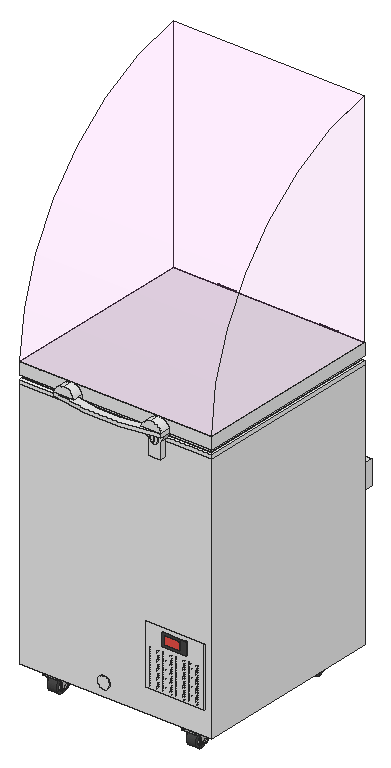
Revit family "QF_Summit_LAB8_Chest_Freezer", category Specialty Equipment, Revit 2020
Family settings
  Round Connector Dimension = Use Diameter
  Part Type = Normal
  Work Plane-Based = No
  Always vertical = Yes
  Cut with Voids When Loaded = No
  Shared = No
  Room Calculation Point = No
Parameters
  Weight in Pounds = 124
  Watts = Volts * FL Amps  # 690 W
  Volts = 115 V
  URL Cutsheet = ""
  Specification by User = ""
  Specification by Manufacturer = ""
  Serial Number = ""
  Seismic Rating = ""
  SMACNA No = ""
  Revision Code = ""
  Phase = 1
  Number of Poles = 1
  NAFEM Spec ID Number = ""
  Model = "LAB8"
  Min Ckt Ampacity = 0 A
  Max Overcurrent Protection = 0 A
  Masterspec = ""
  Manufacturer = "Summit"
  Length = 23 3/4"
  Item Number = ""
  Installed By = ""
  Identify Quantity as Lot = yes
  Height = 36 1/4"
  HP = ""
  Furnished By = ""
  Foodservice Equipment Identifier = yes
  FL Amps = 6 A
  Electrical Remarks = ""
  Electric Connection Type = ""
  Elec Conn RI Height = 0"
  Elec Conn Connection Height = 0"
  Description = "Chest Freezer"
  Depth = 28"
  Default Elevation = 0"
  Cycle = 60 Hz
  Conn Plug = ""
  Conn Conduit = yes
  CSI MasterFormat = ""
  Apparent Power = 0 VA
Reference planes (in)
  plane 1 "BACK": y = 0
  plane 2: z = 0
  plane 3 "LEFT": x = 0
  plane 4 "RIGHT": x = 23.75
  plane 5 "FRONT": y = -28
  plane 6 "TOP": z = 36.25
  plane 7 "Center Y": x = 11.875
  plane 8 "Center X": y = -14
Dimensions and locks (in)
  equal spacing: plane 3 "LEFT", plane 7 "Center Y", plane 4 "RIGHT"
  "Length": plane 3 "LEFT" to plane 4 "RIGHT"
  equal spacing: plane 5 "FRONT", plane 8 "Center X", plane 1 "BACK"
  "Depth": plane 5 "FRONT" to plane 1 "BACK"
  "Height": plane 6 "TOP" to level
  aligned and locked: level to plane 2
Nested families (in)
  nested 1: "LAB8" at (0, 0, 0), type "LAB8"
Connectors (in)
  electrical at (21.70796, -2.17959, 4.81541)
    settings: on nested 1, index 1, voltage 0 V, apparent load 0 VA, apparent load phase1 0 VA, apparent load phase2 0 VA, apparent load phase3 0 VA, power factor 1, load classification "Other", number of poles 1, system type 30, power factor state 1, is connector primary yes, connector utility no, sub classification motor no, connector description ""
Definition of nested family "LAB8"
  Parameters (values of type "LAB8")
    Weight in Pounds = 0
    URL Cutsheet = ""
    Specification by User = ""
    Specification by Manufacturer = ""
    Serial Number = ""
    Seismic Rating = ""
    SMACNA No = ""
    Revision Code = ""
    NAFEM Spec ID Number = ""
    Masterspec = ""
    Length = 23 3/4"
    Item Number = ""
    Installed By = ""
    Identify Quantity as Lot = yes
    Height = 36 1/4"
    Furnished By = ""
    Foodservice Equipment Identifier = yes
    Depth = 28"
    Default Elevation = 0"
    CSI MasterFormat = ""
  Reference planes (in)
    plane 1 "BACK": y = 0
    plane 2: z = 0
    plane 3 "LEFT": x = 0
    plane 4 "RIGHT": x = 23.75
    plane 5 "FRONT": y = -28
    plane 6 "TOP": z = 36.25
    plane 7 "Center Y": x = 11.875
    plane 8 "Center X": y = -14
    plane 9: z = 63.75
    plane 10: z = 2.75
  Forms (in)
    Extrusion 1, solid
      sketch origin (-38.39759, -180, 36.25) x (-1, 0, 0) y (0, -1, 0)
        loop
          line (-38.39759, -177.78916) -> (-38.39759, -154.03916) -> (-62.14759, -154.03916) -> (-62.14759, -177.78916) -> (-38.39759, -177.78916)
      from 0 to -1.46468
    Extrusion 2, solid
      sketch origin (-38.39759, -180, 34.78532) x (0, -1, 0) y (-1, 0, 0)
        loop
          line (-177.53916, -38.66047) -> (-177.53916, -61.88471) -> (-154.28916, -61.88471) -> (-154.28916, -38.66047) -> (-177.53916, -38.66047)
      from 0 to 0.37975
    Sweep 3, solid
      path origin (0, 0, 0) x (1, 0, 0) y (0, 1, 0)
        loop
          line (0, -2.21084) -> (0, -25.96084) -> (23.75, -25.96084) -> (23.75, -2.21084) -> (0, -2.21084)
      profile origin (0, -14.08584, 0) x (1, 0, 0) y (0, 0, 1)
        loop
          line (0.26288, 34.40556) -> (0.11816, 34.40556) -> (0, 34.28741) -> (0, 33.78741) -> (0.26288, 33.78741) -> (0.26288, 34.40556)
    Extrusion 4, solid
      sketch origin (0.26288, -2.47372, 33.78741) x (-1, 0, 0) y (0, 1, 0)
        loop
          line (0.26288, 0.26288) -> (-23.48712, 0.26288) -> (-23.48712, -23.48712) -> (0.26288, -23.48712) -> (0.26288, 0.26288)
      from 0 to 31.03741
    Extrusion 5, solid
      sketch origin (0, -32.01214, 35.57418) x (0, -1, 0) y (1, 0, 0)
        loop
          line (-31.43624, 4.52583) -> (-29.80129, 4.52583) -> (-29.80129, 6.55252) -> (-31.43624, 6.55252) -> (-31.43624, 4.52583)
        loop
          line (-31.43624, 19.22417) -> (-31.43624, 17.19748) -> (-29.80129, 17.19748) -> (-29.80129, 19.22417) -> (-31.43624, 19.22417)
      from 0 to -4.16386
    Extrusion 6, void
      sketch origin (19.22417, -2.21084, 35.57418) x (0, -1, 0) y (0, 0, 1)
        loop
          line (-1.63494, 0) -> (-1.63494, -0.75)
          arc (-1.63494, -0.75) -> (-1.41527, -0.21967) -> (-0.88494, 0) r 0.75
          line (-0.88494, 0) -> (-1.63494, 0)
      from 0 to 2.02668
    Extrusion 7, void
      sketch origin (6.55252, -0.5759, 35.57418) x (0, 1, 0) y (0, 0, -1)
        loop
          line (0, 0) -> (0, 0.75)
          arc (0, 0.75) -> (-0.21967, 0.21967) -> (-0.75, 0) r 0.75
          line (-0.75, 0) -> (0, 0)
      from 0 to 2.02668
    Extrusion 8, solid
      sketch origin (23.75, -25.96084, 33.78741) x (-1, 0, 0) y (0, 0, -1)
        loop
          line (8.14996, 20.87765) -> (8.14996, 28.12765) -> (0.89996, 28.12765) -> (0.89996, 20.87765) -> (8.14996, 20.87765)
      from 0 to 0.03125
    Extrusion 9, solid
      sketch origin (23.75, -25.99209, 33.78741) x (-1, 0, 0) y (0, 0, -1)
        loop
          arc (5.99341, 21.32517) -> (6.0818, 21.36179) -> (6.11841, 21.45017) r 0.125
          line (6.11841, 21.45017) -> (6.11841, 22.80445)
          arc (6.11841, 22.80445) -> (6.0818, 22.89283) -> (5.99341, 22.92945) r 0.125
          line (5.99341, 22.92945) -> (3.12787, 22.92945)
          arc (3.12787, 22.92945) -> (3.03948, 22.89283) -> (3.00287, 22.80445) r 0.125
          line (3.00287, 22.80445) -> (3.00287, 21.45017)
          arc (3.00287, 21.45017) -> (3.03948, 21.36179) -> (3.12787, 21.32517) r 0.125
          line (3.12787, 21.32517) -> (5.99341, 21.32517)
      from 0 to 0.03125
    Extrusion 10, solid
      sketch origin (23.75, -26.02334, 33.78741) x (-1, 0, 0) y (0, 0, -1)
        loop
          line (5.73873, 21.63644) -> (5.73873, 22.63644) -> (3.90156, 22.63644) -> (3.90156, 21.63644) -> (5.73873, 21.63644)
      from 0 to 0.03125
    Extrusion 11, void
      sketch origin (23.75, -25.99209, 33.78741) x (1, 0, 0) y (0, 0, -1)
        loop
          line (-7.64421, 23.51646) -> (-6.55046, 23.51646)
          arc (-6.55046, 23.51646) -> (-6.50667, 23.56025) -> (-6.55046, 23.60404) r 0.04379
          line (-6.55046, 23.60404) -> (-7.64421, 23.60404)
          arc (-7.64421, 23.60404) -> (-7.688, 23.56025) -> (-7.64421, 23.51646) r 0.04379
      from 0 to 0.01514
    Extrusion 12, void
      sketch origin (28.63246, -25.99209, 33.78741) x (1, 0, 0) y (0, 0, -1)
        loop
          line (-7.64421, 23.51646) -> (-6.55046, 23.51646)
          arc (-6.55046, 23.51646) -> (-6.50667, 23.56025) -> (-6.55046, 23.60404) r 0.04379
          line (-6.55046, 23.60404) -> (-7.64421, 23.60404)
          arc (-7.64421, 23.60404) -> (-7.688, 23.56025) -> (-7.64421, 23.51646) r 0.04379
      from 0 to 0.01514
    Extrusion 13, void
      sketch origin (25.37749, -25.99209, 33.78741) x (1, 0, 0) y (0, 0, -1)
        loop
          line (-7.64421, 23.51646) -> (-6.55046, 23.51646)
          arc (-6.55046, 23.51646) -> (-6.50667, 23.56025) -> (-6.55046, 23.60404) r 0.04379
          line (-6.55046, 23.60404) -> (-7.64421, 23.60404)
          arc (-7.64421, 23.60404) -> (-7.688, 23.56025) -> (-7.64421, 23.51646) r 0.04379
      from 0 to 0.01514
    Extrusion 14, void
      sketch origin (27.00497, -25.99209, 33.78741) x (1, 0, 0) y (0, 0, -1)
        loop
          line (-7.64421, 23.51646) -> (-6.55046, 23.51646)
          arc (-6.55046, 23.51646) -> (-6.50667, 23.56025) -> (-6.55046, 23.60404) r 0.04379
          line (-6.55046, 23.60404) -> (-7.64421, 23.60404)
          arc (-7.64421, 23.60404) -> (-7.688, 23.56025) -> (-7.64421, 23.51646) r 0.04379
      from 0 to 0.01514
    Extrusion 15, void
      sketch origin (23.75, -25.99209, 33.78741) x (1, 0, 0) y (0, 0, -1)
        loop
          line (-7.64421, 23.76646) -> (-6.55046, 23.76646)
          arc (-6.55046, 23.76646) -> (-6.50667, 23.81025) -> (-6.55046, 23.85404) r 0.04379
          line (-6.55046, 23.85404) -> (-7.64421, 23.85404)
          arc (-7.64421, 23.85404) -> (-7.688, 23.81025) -> (-7.64421, 23.76646) r 0.04379
      from 0 to 0.01514
    Extrusion 16, void
      sketch origin (23.75, -25.99209, 33.78741) x (1, 0, 0) y (0, 0, -1)
        loop
          line (-7.64421, 24.01646) -> (-6.55046, 24.01646)
          arc (-6.55046, 24.01646) -> (-6.50667, 24.06025) -> (-6.55046, 24.10404) r 0.04379
          line (-6.55046, 24.10404) -> (-7.64421, 24.10404)
          arc (-7.64421, 24.10404) -> (-7.688, 24.06025) -> (-7.64421, 24.01646) r 0.04379
      from 0 to 0.01514
    Extrusion 17, void
      sketch origin (23.75, -25.99209, 33.78741) x (1, 0, 0) y (0, 0, -1)
        loop
          line (-7.64421, 24.2681) -> (-6.55046, 24.2681)
          arc (-6.55046, 24.2681) -> (-6.50667, 24.31188) -> (-6.55046, 24.35567) r 0.04379
          line (-6.55046, 24.35567) -> (-7.64421, 24.35567)
          arc (-7.64421, 24.35567) -> (-7.688, 24.31188) -> (-7.64421, 24.2681) r 0.04379
      from 0 to 0.01514
    Extrusion 18, void
      sketch origin (23.75, -25.99209, 33.78741) x (1, 0, 0) y (0, 0, -1)
        loop
          line (-7.64421, 24.5181) -> (-6.55046, 24.5181)
          arc (-6.55046, 24.5181) -> (-6.50667, 24.56188) -> (-6.55046, 24.60567) r 0.04379
          line (-6.55046, 24.60567) -> (-7.64421, 24.60567)
          arc (-7.64421, 24.60567) -> (-7.688, 24.56188) -> (-7.64421, 24.5181) r 0.04379
      from 0 to 0.01514
    Extrusion 19, void
      sketch origin (23.75, -25.99209, 33.78741) x (1, 0, 0) y (0, 0, -1)
        loop
          line (-7.64421, 24.7681) -> (-6.55046, 24.7681)
          arc (-6.55046, 24.7681) -> (-6.50667, 24.81188) -> (-6.55046, 24.85567) r 0.04379
          line (-6.55046, 24.85567) -> (-7.64421, 24.85567)
          arc (-7.64421, 24.85567) -> (-7.688, 24.81188) -> (-7.64421, 24.7681) r 0.04379
      from 0 to 0.01514
    Extrusion 20, void
      sketch origin (28.63246, -25.99209, 33.78741) x (1, 0, 0) y (0, 0, -1)
        loop
          line (-7.64421, 23.76646) -> (-6.55046, 23.76646)
          arc (-6.55046, 23.76646) -> (-6.50667, 23.81025) -> (-6.55046, 23.85404) r 0.04379
          line (-6.55046, 23.85404) -> (-7.64421, 23.85404)
          arc (-7.64421, 23.85404) -> (-7.688, 23.81025) -> (-7.64421, 23.76646) r 0.04379
      from 0 to 0.01514
    Extrusion 21, void
      sketch origin (28.63246, -25.99209, 33.78741) x (1, 0, 0) y (0, 0, -1)
        loop
          line (-7.64421, 24.01646) -> (-6.55046, 24.01646)
          arc (-6.55046, 24.01646) -> (-6.50667, 24.06025) -> (-6.55046, 24.10404) r 0.04379
          line (-6.55046, 24.10404) -> (-7.64421, 24.10404)
          arc (-7.64421, 24.10404) -> (-7.688, 24.06025) -> (-7.64421, 24.01646) r 0.04379
      from 0 to 0.01514
    Extrusion 22, void
      sketch origin (28.63246, -25.99209, 33.78741) x (1, 0, 0) y (0, 0, -1)
        loop
          line (-7.64421, 24.2681) -> (-6.55046, 24.2681)
          arc (-6.55046, 24.2681) -> (-6.50667, 24.31188) -> (-6.55046, 24.35567) r 0.04379
          line (-6.55046, 24.35567) -> (-7.64421, 24.35567)
          arc (-7.64421, 24.35567) -> (-7.688, 24.31188) -> (-7.64421, 24.2681) r 0.04379
      from 0 to 0.01514
    Extrusion 23, void
      sketch origin (28.63246, -25.99209, 33.78741) x (1, 0, 0) y (0, 0, -1)
        loop
          line (-7.64421, 24.5181) -> (-6.55046, 24.5181)
          arc (-6.55046, 24.5181) -> (-6.50667, 24.56188) -> (-6.55046, 24.60567) r 0.04379
          line (-6.55046, 24.60567) -> (-7.64421, 24.60567)
          arc (-7.64421, 24.60567) -> (-7.688, 24.56188) -> (-7.64421, 24.5181) r 0.04379
      from 0 to 0.01514
    Extrusion 24, void
      sketch origin (28.63246, -25.99209, 33.78741) x (1, 0, 0) y (0, 0, -1)
        loop
          line (-7.64421, 24.7681) -> (-6.55046, 24.7681)
          arc (-6.55046, 24.7681) -> (-6.50667, 24.81188) -> (-6.55046, 24.85567) r 0.04379
          line (-6.55046, 24.85567) -> (-7.64421, 24.85567)
          arc (-7.64421, 24.85567) -> (-7.688, 24.81188) -> (-7.64421, 24.7681) r 0.04379
      from 0 to 0.01514
    Extrusion 25, void
      sketch origin (25.37749, -25.99209, 33.78741) x (1, 0, 0) y (0, 0, -1)
        loop
          line (-7.64421, 23.76646) -> (-6.55046, 23.76646)
          arc (-6.55046, 23.76646) -> (-6.50667, 23.81025) -> (-6.55046, 23.85404) r 0.04379
          line (-6.55046, 23.85404) -> (-7.64421, 23.85404)
          arc (-7.64421, 23.85404) -> (-7.688, 23.81025) -> (-7.64421, 23.76646) r 0.04379
      from 0 to 0.01514
    Extrusion 26, void
      sketch origin (25.37749, -25.99209, 33.78741) x (1, 0, 0) y (0, 0, -1)
        loop
          line (-7.64421, 24.01646) -> (-6.55046, 24.01646)
          arc (-6.55046, 24.01646) -> (-6.50667, 24.06025) -> (-6.55046, 24.10404) r 0.04379
          line (-6.55046, 24.10404) -> (-7.64421, 24.10404)
          arc (-7.64421, 24.10404) -> (-7.688, 24.06025) -> (-7.64421, 24.01646) r 0.04379
      from 0 to 0.01514
    Extrusion 27, void
      sketch origin (25.37749, -25.99209, 33.78741) x (1, 0, 0) y (0, 0, -1)
        loop
          line (-7.64421, 24.2681) -> (-6.55046, 24.2681)
          arc (-6.55046, 24.2681) -> (-6.50667, 24.31188) -> (-6.55046, 24.35567) r 0.04379
          line (-6.55046, 24.35567) -> (-7.64421, 24.35567)
          arc (-7.64421, 24.35567) -> (-7.688, 24.31188) -> (-7.64421, 24.2681) r 0.04379
      from 0 to 0.01514
    Extrusion 28, void
      sketch origin (25.37749, -25.99209, 33.78741) x (1, 0, 0) y (0, 0, -1)
        loop
          line (-7.64421, 24.5181) -> (-6.55046, 24.5181)
          arc (-6.55046, 24.5181) -> (-6.50667, 24.56188) -> (-6.55046, 24.60567) r 0.04379
          line (-6.55046, 24.60567) -> (-7.64421, 24.60567)
          arc (-7.64421, 24.60567) -> (-7.688, 24.56188) -> (-7.64421, 24.5181) r 0.04379
      from 0 to 0.01514
    Extrusion 29, void
      sketch origin (25.37749, -25.99209, 33.78741) x (1, 0, 0) y (0, 0, -1)
        loop
          line (-7.64421, 24.7681) -> (-6.55046, 24.7681)
          arc (-6.55046, 24.7681) -> (-6.50667, 24.81188) -> (-6.55046, 24.85567) r 0.04379
          line (-6.55046, 24.85567) -> (-7.64421, 24.85567)
          arc (-7.64421, 24.85567) -> (-7.688, 24.81188) -> (-7.64421, 24.7681) r 0.04379
      from 0 to 0.01514
    Extrusion 30, void
      sketch origin (27.00497, -25.99209, 33.78741) x (1, 0, 0) y (0, 0, -1)
        loop
          line (-7.64421, 23.76646) -> (-6.55046, 23.76646)
          arc (-6.55046, 23.76646) -> (-6.50667, 23.81025) -> (-6.55046, 23.85404) r 0.04379
          line (-6.55046, 23.85404) -> (-7.64421, 23.85404)
          arc (-7.64421, 23.85404) -> (-7.688, 23.81025) -> (-7.64421, 23.76646) r 0.04379
      from 0 to 0.01514
    Extrusion 31, void
      sketch origin (27.00497, -25.99209, 33.78741) x (1, 0, 0) y (0, 0, -1)
        loop
          line (-7.64421, 24.01646) -> (-6.55046, 24.01646)
          arc (-6.55046, 24.01646) -> (-6.50667, 24.06025) -> (-6.55046, 24.10404) r 0.04379
          line (-6.55046, 24.10404) -> (-7.64421, 24.10404)
          arc (-7.64421, 24.10404) -> (-7.688, 24.06025) -> (-7.64421, 24.01646) r 0.04379
      from 0 to 0.01514
    Extrusion 32, void
      sketch origin (27.00497, -25.99209, 33.78741) x (1, 0, 0) y (0, 0, -1)
        loop
          line (-7.64421, 24.2681) -> (-6.55046, 24.2681)
          arc (-6.55046, 24.2681) -> (-6.50667, 24.31188) -> (-6.55046, 24.35567) r 0.04379
          line (-6.55046, 24.35567) -> (-7.64421, 24.35567)
          arc (-7.64421, 24.35567) -> (-7.688, 24.31188) -> (-7.64421, 24.2681) r 0.04379
      from 0 to 0.01514
    Extrusion 33, void
      sketch origin (27.00497, -25.99209, 33.78741) x (1, 0, 0) y (0, 0, -1)
        loop
          line (-7.64421, 24.5181) -> (-6.55046, 24.5181)
          arc (-6.55046, 24.5181) -> (-6.50667, 24.56188) -> (-6.55046, 24.60567) r 0.04379
          line (-6.55046, 24.60567) -> (-7.64421, 24.60567)
          arc (-7.64421, 24.60567) -> (-7.688, 24.56188) -> (-7.64421, 24.5181) r 0.04379
      from 0 to 0.01514
    Extrusion 34, void
      sketch origin (27.00497, -25.99209, 33.78741) x (1, 0, 0) y (0, 0, -1)
        loop
          line (-7.64421, 24.7681) -> (-6.55046, 24.7681)
          arc (-6.55046, 24.7681) -> (-6.50667, 24.81188) -> (-6.55046, 24.85567) r 0.04379
          line (-6.55046, 24.85567) -> (-7.64421, 24.85567)
          arc (-7.64421, 24.85567) -> (-7.688, 24.81188) -> (-7.64421, 24.7681) r 0.04379
      from 0 to 0.01514
    Extrusion 35, void
      sketch origin (23.75, -25.99209, 33.78741) x (1, 0, 0) y (0, 0, -1)
        loop
          line (-7.64421, 25.01646) -> (-6.55046, 25.01646)
          arc (-6.55046, 25.01646) -> (-6.50667, 25.06025) -> (-6.55046, 25.10404) r 0.04379
          line (-6.55046, 25.10404) -> (-7.64421, 25.10404)
          arc (-7.64421, 25.10404) -> (-7.688, 25.06025) -> (-7.64421, 25.01646) r 0.04379
      from 0 to 0.01514
    Extrusion 36, void
      sketch origin (23.75, -25.99209, 33.78741) x (1, 0, 0) y (0, 0, -1)
        loop
          line (-7.64421, 25.26646) -> (-6.55046, 25.26646)
          arc (-6.55046, 25.26646) -> (-6.50667, 25.31025) -> (-6.55046, 25.35404) r 0.04379
          line (-6.55046, 25.35404) -> (-7.64421, 25.35404)
          arc (-7.64421, 25.35404) -> (-7.688, 25.31025) -> (-7.64421, 25.26646) r 0.04379
      from 0 to 0.01514
    Extrusion 37, void
      sketch origin (23.75, -25.99209, 33.78741) x (1, 0, 0) y (0, 0, -1)
        loop
          line (-7.64421, 25.51646) -> (-6.55046, 25.51646)
          arc (-6.55046, 25.51646) -> (-6.50667, 25.56025) -> (-6.55046, 25.60404) r 0.04379
          line (-6.55046, 25.60404) -> (-7.64421, 25.60404)
          arc (-7.64421, 25.60404) -> (-7.688, 25.56025) -> (-7.64421, 25.51646) r 0.04379
      from 0 to 0.01514
    Extrusion 38, void
      sketch origin (23.75, -25.99209, 33.78741) x (1, 0, 0) y (0, 0, -1)
        loop
          line (-7.64421, 25.7681) -> (-6.55046, 25.7681)
          arc (-6.55046, 25.7681) -> (-6.50667, 25.81188) -> (-6.55046, 25.85567) r 0.04379
          line (-6.55046, 25.85567) -> (-7.64421, 25.85567)
          arc (-7.64421, 25.85567) -> (-7.688, 25.81188) -> (-7.64421, 25.7681) r 0.04379
      from 0 to 0.01514
    Extrusion 39, void
      sketch origin (23.75, -25.99209, 33.78741) x (1, 0, 0) y (0, 0, -1)
        loop
          line (-7.64421, 26.0181) -> (-6.55046, 26.0181)
          arc (-6.55046, 26.0181) -> (-6.50667, 26.06188) -> (-6.55046, 26.10567) r 0.04379
          line (-6.55046, 26.10567) -> (-7.64421, 26.10567)
          arc (-7.64421, 26.10567) -> (-7.688, 26.06188) -> (-7.64421, 26.0181) r 0.04379
      from 0 to 0.01514
    Extrusion 40, void
      sketch origin (23.75, -25.99209, 33.78741) x (1, 0, 0) y (0, 0, -1)
        loop
          line (-7.64421, 26.2681) -> (-6.55046, 26.2681)
          arc (-6.55046, 26.2681) -> (-6.50667, 26.31188) -> (-6.55046, 26.35567) r 0.04379
          line (-6.55046, 26.35567) -> (-7.64421, 26.35567)
          arc (-7.64421, 26.35567) -> (-7.688, 26.31188) -> (-7.64421, 26.2681) r 0.04379
      from 0 to 0.01514
    Extrusion 41, void
      sketch origin (23.75, -25.99209, 33.78741) x (1, 0, 0) y (0, 0, -1)
        loop
          line (-7.64421, 26.51646) -> (-6.55046, 26.51646)
          arc (-6.55046, 26.51646) -> (-6.50667, 26.56025) -> (-6.55046, 26.60404) r 0.04379
          line (-6.55046, 26.60404) -> (-7.64421, 26.60404)
          arc (-7.64421, 26.60404) -> (-7.688, 26.56025) -> (-7.64421, 26.51646) r 0.04379
      from 0 to 0.01514
    Extrusion 42, void
      sketch origin (23.75, -25.99209, 33.78741) x (1, 0, 0) y (0, 0, -1)
        loop
          line (-7.64421, 26.76646) -> (-6.55046, 26.76646)
          arc (-6.55046, 26.76646) -> (-6.50667, 26.81025) -> (-6.55046, 26.85404) r 0.04379
          line (-6.55046, 26.85404) -> (-7.64421, 26.85404)
          arc (-7.64421, 26.85404) -> (-7.688, 26.81025) -> (-7.64421, 26.76646) r 0.04379
      from 0 to 0.01514
    Extrusion 43, void
      sketch origin (23.75, -25.99209, 33.78741) x (1, 0, 0) y (0, 0, -1)
        loop
          line (-7.64421, 27.01646) -> (-6.55046, 27.01646)
          arc (-6.55046, 27.01646) -> (-6.50667, 27.06025) -> (-6.55046, 27.10404) r 0.04379
          line (-6.55046, 27.10404) -> (-7.64421, 27.10404)
          arc (-7.64421, 27.10404) -> (-7.688, 27.06025) -> (-7.64421, 27.01646) r 0.04379
      from 0 to 0.01514
    Extrusion 44, void
      sketch origin (23.75, -25.99209, 33.78741) x (1, 0, 0) y (0, 0, -1)
        loop
          line (-7.64421, 27.2681) -> (-6.55046, 27.2681)
          arc (-6.55046, 27.2681) -> (-6.50667, 27.31188) -> (-6.55046, 27.35567) r 0.04379
          line (-6.55046, 27.35567) -> (-7.64421, 27.35567)
          arc (-7.64421, 27.35567) -> (-7.688, 27.31188) -> (-7.64421, 27.2681) r 0.04379
      from 0 to 0.01514
    Extrusion 45, void
      sketch origin (23.75, -25.99209, 33.78741) x (1, 0, 0) y (0, 0, -1)
        loop
          line (-7.64421, 27.5181) -> (-6.55046, 27.5181)
          arc (-6.55046, 27.5181) -> (-6.50667, 27.56188) -> (-6.55046, 27.60567) r 0.04379
          line (-6.55046, 27.60567) -> (-7.64421, 27.60567)
          arc (-7.64421, 27.60567) -> (-7.688, 27.56188) -> (-7.64421, 27.5181) r 0.04379
      from 0 to 0.01514
    Extrusion 46, void
      sketch origin (23.75, -25.99209, 33.78741) x (1, 0, 0) y (0, 0, -1)
        loop
          line (-7.64421, 27.7681) -> (-6.55046, 27.7681)
          arc (-6.55046, 27.7681) -> (-6.50667, 27.81188) -> (-6.55046, 27.85567) r 0.04379
          line (-6.55046, 27.85567) -> (-7.64421, 27.85567)
          arc (-7.64421, 27.85567) -> (-7.688, 27.81188) -> (-7.64421, 27.7681) r 0.04379
      from 0 to 0.01514
    Extrusion 47, void
      sketch origin (28.63246, -25.99209, 33.78741) x (1, 0, 0) y (0, 0, -1)
        loop
          line (-7.64421, 25.01646) -> (-6.55046, 25.01646)
          arc (-6.55046, 25.01646) -> (-6.50667, 25.06025) -> (-6.55046, 25.10404) r 0.04379
          line (-6.55046, 25.10404) -> (-7.64421, 25.10404)
          arc (-7.64421, 25.10404) -> (-7.688, 25.06025) -> (-7.64421, 25.01646) r 0.04379
      from 0 to 0.01514
    Extrusion 48, void
      sketch origin (28.63246, -25.99209, 33.78741) x (1, 0, 0) y (0, 0, -1)
        loop
          line (-7.64421, 25.26646) -> (-6.55046, 25.26646)
          arc (-6.55046, 25.26646) -> (-6.50667, 25.31025) -> (-6.55046, 25.35404) r 0.04379
          line (-6.55046, 25.35404) -> (-7.64421, 25.35404)
          arc (-7.64421, 25.35404) -> (-7.688, 25.31025) -> (-7.64421, 25.26646) r 0.04379
      from 0 to 0.01514
    Extrusion 49, void
      sketch origin (28.63246, -25.99209, 33.78741) x (1, 0, 0) y (0, 0, -1)
        loop
          line (-7.64421, 25.51646) -> (-6.55046, 25.51646)
          arc (-6.55046, 25.51646) -> (-6.50667, 25.56025) -> (-6.55046, 25.60404) r 0.04379
          line (-6.55046, 25.60404) -> (-7.64421, 25.60404)
          arc (-7.64421, 25.60404) -> (-7.688, 25.56025) -> (-7.64421, 25.51646) r 0.04379
      from 0 to 0.01514
    Extrusion 50, void
      sketch origin (28.63246, -25.99209, 33.78741) x (1, 0, 0) y (0, 0, -1)
        loop
          line (-7.64421, 25.7681) -> (-6.55046, 25.7681)
          arc (-6.55046, 25.7681) -> (-6.50667, 25.81188) -> (-6.55046, 25.85567) r 0.04379
          line (-6.55046, 25.85567) -> (-7.64421, 25.85567)
          arc (-7.64421, 25.85567) -> (-7.688, 25.81188) -> (-7.64421, 25.7681) r 0.04379
      from 0 to 0.01514
    Extrusion 51, void
      sketch origin (28.63246, -25.99209, 33.78741) x (1, 0, 0) y (0, 0, -1)
        loop
          line (-7.64421, 26.0181) -> (-6.55046, 26.0181)
          arc (-6.55046, 26.0181) -> (-6.50667, 26.06188) -> (-6.55046, 26.10567) r 0.04379
          line (-6.55046, 26.10567) -> (-7.64421, 26.10567)
          arc (-7.64421, 26.10567) -> (-7.688, 26.06188) -> (-7.64421, 26.0181) r 0.04379
      from 0 to 0.01514
    Extrusion 52, void
      sketch origin (28.63246, -25.99209, 33.78741) x (1, 0, 0) y (0, 0, -1)
        loop
          line (-7.64421, 26.2681) -> (-6.55046, 26.2681)
          arc (-6.55046, 26.2681) -> (-6.50667, 26.31188) -> (-6.55046, 26.35567) r 0.04379
          line (-6.55046, 26.35567) -> (-7.64421, 26.35567)
          arc (-7.64421, 26.35567) -> (-7.688, 26.31188) -> (-7.64421, 26.2681) r 0.04379
      from 0 to 0.01514
    Extrusion 53, void
      sketch origin (28.63246, -25.99209, 33.78741) x (1, 0, 0) y (0, 0, -1)
        loop
          line (-7.64421, 26.51646) -> (-6.55046, 26.51646)
          arc (-6.55046, 26.51646) -> (-6.50667, 26.56025) -> (-6.55046, 26.60404) r 0.04379
          line (-6.55046, 26.60404) -> (-7.64421, 26.60404)
          arc (-7.64421, 26.60404) -> (-7.688, 26.56025) -> (-7.64421, 26.51646) r 0.04379
      from 0 to 0.01514
    Extrusion 54, void
      sketch origin (28.63246, -25.99209, 33.78741) x (1, 0, 0) y (0, 0, -1)
        loop
          line (-7.64421, 26.76646) -> (-6.55046, 26.76646)
          arc (-6.55046, 26.76646) -> (-6.50667, 26.81025) -> (-6.55046, 26.85404) r 0.04379
          line (-6.55046, 26.85404) -> (-7.64421, 26.85404)
          arc (-7.64421, 26.85404) -> (-7.688, 26.81025) -> (-7.64421, 26.76646) r 0.04379
      from 0 to 0.01514
    Extrusion 55, void
      sketch origin (28.63246, -25.99209, 33.78741) x (1, 0, 0) y (0, 0, -1)
        loop
          line (-7.64421, 27.01646) -> (-6.55046, 27.01646)
          arc (-6.55046, 27.01646) -> (-6.50667, 27.06025) -> (-6.55046, 27.10404) r 0.04379
          line (-6.55046, 27.10404) -> (-7.64421, 27.10404)
          arc (-7.64421, 27.10404) -> (-7.688, 27.06025) -> (-7.64421, 27.01646) r 0.04379
      from 0 to 0.01514
    Extrusion 56, void
      sketch origin (28.63246, -25.99209, 33.78741) x (1, 0, 0) y (0, 0, -1)
        loop
          line (-7.64421, 27.2681) -> (-6.55046, 27.2681)
          arc (-6.55046, 27.2681) -> (-6.50667, 27.31188) -> (-6.55046, 27.35567) r 0.04379
          line (-6.55046, 27.35567) -> (-7.64421, 27.35567)
          arc (-7.64421, 27.35567) -> (-7.688, 27.31188) -> (-7.64421, 27.2681) r 0.04379
      from 0 to 0.01514
    Extrusion 57, void
      sketch origin (28.63246, -25.99209, 33.78741) x (1, 0, 0) y (0, 0, -1)
        loop
          line (-7.64421, 27.5181) -> (-6.55046, 27.5181)
          arc (-6.55046, 27.5181) -> (-6.50667, 27.56188) -> (-6.55046, 27.60567) r 0.04379
          line (-6.55046, 27.60567) -> (-7.64421, 27.60567)
          arc (-7.64421, 27.60567) -> (-7.688, 27.56188) -> (-7.64421, 27.5181) r 0.04379
      from 0 to 0.01514
    Extrusion 58, void
      sketch origin (28.63246, -25.99209, 33.78741) x (1, 0, 0) y (0, 0, -1)
        loop
          line (-7.64421, 27.7681) -> (-6.55046, 27.7681)
          arc (-6.55046, 27.7681) -> (-6.50667, 27.81188) -> (-6.55046, 27.85567) r 0.04379
          line (-6.55046, 27.85567) -> (-7.64421, 27.85567)
          arc (-7.64421, 27.85567) -> (-7.688, 27.81188) -> (-7.64421, 27.7681) r 0.04379
      from 0 to 0.01514
    Extrusion 59, void
      sketch origin (25.37749, -25.99209, 33.78741) x (1, 0, 0) y (0, 0, -1)
        loop
          line (-7.64421, 25.01646) -> (-6.55046, 25.01646)
          arc (-6.55046, 25.01646) -> (-6.50667, 25.06025) -> (-6.55046, 25.10404) r 0.04379
          line (-6.55046, 25.10404) -> (-7.64421, 25.10404)
          arc (-7.64421, 25.10404) -> (-7.688, 25.06025) -> (-7.64421, 25.01646) r 0.04379
      from 0 to 0.01514
    Extrusion 60, void
      sketch origin (25.37749, -25.99209, 33.78741) x (1, 0, 0) y (0, 0, -1)
        loop
          line (-7.64421, 25.26646) -> (-6.55046, 25.26646)
          arc (-6.55046, 25.26646) -> (-6.50667, 25.31025) -> (-6.55046, 25.35404) r 0.04379
          line (-6.55046, 25.35404) -> (-7.64421, 25.35404)
          arc (-7.64421, 25.35404) -> (-7.688, 25.31025) -> (-7.64421, 25.26646) r 0.04379
      from 0 to 0.01514
    Extrusion 61, void
      sketch origin (25.37749, -25.99209, 33.78741) x (1, 0, 0) y (0, 0, -1)
        loop
          line (-7.64421, 25.51646) -> (-6.55046, 25.51646)
          arc (-6.55046, 25.51646) -> (-6.50667, 25.56025) -> (-6.55046, 25.60404) r 0.04379
          line (-6.55046, 25.60404) -> (-7.64421, 25.60404)
          arc (-7.64421, 25.60404) -> (-7.688, 25.56025) -> (-7.64421, 25.51646) r 0.04379
      from 0 to 0.01514
    Extrusion 62, void
      sketch origin (25.37749, -25.99209, 33.78741) x (1, 0, 0) y (0, 0, -1)
        loop
          line (-7.64421, 25.7681) -> (-6.55046, 25.7681)
          arc (-6.55046, 25.7681) -> (-6.50667, 25.81188) -> (-6.55046, 25.85567) r 0.04379
          line (-6.55046, 25.85567) -> (-7.64421, 25.85567)
          arc (-7.64421, 25.85567) -> (-7.688, 25.81188) -> (-7.64421, 25.7681) r 0.04379
      from 0 to 0.01514
    Extrusion 63, void
      sketch origin (25.37749, -25.99209, 33.78741) x (1, 0, 0) y (0, 0, -1)
        loop
          line (-7.64421, 26.0181) -> (-6.55046, 26.0181)
          arc (-6.55046, 26.0181) -> (-6.50667, 26.06188) -> (-6.55046, 26.10567) r 0.04379
          line (-6.55046, 26.10567) -> (-7.64421, 26.10567)
          arc (-7.64421, 26.10567) -> (-7.688, 26.06188) -> (-7.64421, 26.0181) r 0.04379
      from 0 to 0.01514
    Extrusion 64, void
      sketch origin (25.37749, -25.99209, 33.78741) x (1, 0, 0) y (0, 0, -1)
        loop
          line (-7.64421, 26.2681) -> (-6.55046, 26.2681)
          arc (-6.55046, 26.2681) -> (-6.50667, 26.31188) -> (-6.55046, 26.35567) r 0.04379
          line (-6.55046, 26.35567) -> (-7.64421, 26.35567)
          arc (-7.64421, 26.35567) -> (-7.688, 26.31188) -> (-7.64421, 26.2681) r 0.04379
      from 0 to 0.01514
    Extrusion 65, void
      sketch origin (25.37749, -25.99209, 33.78741) x (1, 0, 0) y (0, 0, -1)
        loop
          line (-7.64421, 26.51646) -> (-6.55046, 26.51646)
          arc (-6.55046, 26.51646) -> (-6.50667, 26.56025) -> (-6.55046, 26.60404) r 0.04379
          line (-6.55046, 26.60404) -> (-7.64421, 26.60404)
          arc (-7.64421, 26.60404) -> (-7.688, 26.56025) -> (-7.64421, 26.51646) r 0.04379
      from 0 to 0.01514
    Extrusion 66, void
      sketch origin (25.37749, -25.99209, 33.78741) x (1, 0, 0) y (0, 0, -1)
        loop
          line (-7.64421, 26.76646) -> (-6.55046, 26.76646)
          arc (-6.55046, 26.76646) -> (-6.50667, 26.81025) -> (-6.55046, 26.85404) r 0.04379
          line (-6.55046, 26.85404) -> (-7.64421, 26.85404)
          arc (-7.64421, 26.85404) -> (-7.688, 26.81025) -> (-7.64421, 26.76646) r 0.04379
      from 0 to 0.01514
    Extrusion 67, void
      sketch origin (25.37749, -25.99209, 33.78741) x (1, 0, 0) y (0, 0, -1)
        loop
          line (-7.64421, 27.01646) -> (-6.55046, 27.01646)
          arc (-6.55046, 27.01646) -> (-6.50667, 27.06025) -> (-6.55046, 27.10404) r 0.04379
          line (-6.55046, 27.10404) -> (-7.64421, 27.10404)
          arc (-7.64421, 27.10404) -> (-7.688, 27.06025) -> (-7.64421, 27.01646) r 0.04379
      from 0 to 0.01514
    Extrusion 68, void
      sketch origin (25.37749, -25.99209, 33.78741) x (1, 0, 0) y (0, 0, -1)
        loop
          line (-7.64421, 27.2681) -> (-6.55046, 27.2681)
          arc (-6.55046, 27.2681) -> (-6.50667, 27.31188) -> (-6.55046, 27.35567) r 0.04379
          line (-6.55046, 27.35567) -> (-7.64421, 27.35567)
          arc (-7.64421, 27.35567) -> (-7.688, 27.31188) -> (-7.64421, 27.2681) r 0.04379
      from 0 to 0.01514
    Extrusion 69, void
      sketch origin (25.37749, -25.99209, 33.78741) x (1, 0, 0) y (0, 0, -1)
        loop
          line (-7.64421, 27.5181) -> (-6.55046, 27.5181)
          arc (-6.55046, 27.5181) -> (-6.50667, 27.56188) -> (-6.55046, 27.60567) r 0.04379
          line (-6.55046, 27.60567) -> (-7.64421, 27.60567)
          arc (-7.64421, 27.60567) -> (-7.688, 27.56188) -> (-7.64421, 27.5181) r 0.04379
      from 0 to 0.01514
    Extrusion 70, void
      sketch origin (25.37749, -25.99209, 33.78741) x (1, 0, 0) y (0, 0, -1)
        loop
          line (-7.64421, 27.7681) -> (-6.55046, 27.7681)
          arc (-6.55046, 27.7681) -> (-6.50667, 27.81188) -> (-6.55046, 27.85567) r 0.04379
          line (-6.55046, 27.85567) -> (-7.64421, 27.85567)
          arc (-7.64421, 27.85567) -> (-7.688, 27.81188) -> (-7.64421, 27.7681) r 0.04379
      from 0 to 0.01514
    Extrusion 71, void
      sketch origin (27.00497, -25.99209, 33.78741) x (1, 0, 0) y (0, 0, -1)
        loop
          line (-7.64421, 25.01646) -> (-6.55046, 25.01646)
          arc (-6.55046, 25.01646) -> (-6.50667, 25.06025) -> (-6.55046, 25.10404) r 0.04379
          line (-6.55046, 25.10404) -> (-7.64421, 25.10404)
          arc (-7.64421, 25.10404) -> (-7.688, 25.06025) -> (-7.64421, 25.01646) r 0.04379
      from 0 to 0.01514
    Extrusion 72, void
      sketch origin (27.00497, -25.99209, 33.78741) x (1, 0, 0) y (0, 0, -1)
        loop
          line (-7.64421, 25.26646) -> (-6.55046, 25.26646)
          arc (-6.55046, 25.26646) -> (-6.50667, 25.31025) -> (-6.55046, 25.35404) r 0.04379
          line (-6.55046, 25.35404) -> (-7.64421, 25.35404)
          arc (-7.64421, 25.35404) -> (-7.688, 25.31025) -> (-7.64421, 25.26646) r 0.04379
      from 0 to 0.01514
    Extrusion 73, void
      sketch origin (27.00497, -25.99209, 33.78741) x (1, 0, 0) y (0, 0, -1)
        loop
          line (-7.64421, 25.51646) -> (-6.55046, 25.51646)
          arc (-6.55046, 25.51646) -> (-6.50667, 25.56025) -> (-6.55046, 25.60404) r 0.04379
          line (-6.55046, 25.60404) -> (-7.64421, 25.60404)
          arc (-7.64421, 25.60404) -> (-7.688, 25.56025) -> (-7.64421, 25.51646) r 0.04379
      from 0 to 0.01514
    Extrusion 74, void
      sketch origin (27.00497, -25.99209, 33.78741) x (1, 0, 0) y (0, 0, -1)
        loop
          line (-7.64421, 25.7681) -> (-6.55046, 25.7681)
          arc (-6.55046, 25.7681) -> (-6.50667, 25.81188) -> (-6.55046, 25.85567) r 0.04379
          line (-6.55046, 25.85567) -> (-7.64421, 25.85567)
          arc (-7.64421, 25.85567) -> (-7.688, 25.81188) -> (-7.64421, 25.7681) r 0.04379
      from 0 to 0.01514
    Extrusion 75, void
      sketch origin (27.00497, -25.99209, 33.78741) x (1, 0, 0) y (0, 0, -1)
        loop
          line (-7.64421, 26.0181) -> (-6.55046, 26.0181)
          arc (-6.55046, 26.0181) -> (-6.50667, 26.06188) -> (-6.55046, 26.10567) r 0.04379
          line (-6.55046, 26.10567) -> (-7.64421, 26.10567)
          arc (-7.64421, 26.10567) -> (-7.688, 26.06188) -> (-7.64421, 26.0181) r 0.04379
      from 0 to 0.01514
    Extrusion 76, void
      sketch origin (27.00497, -25.99209, 33.78741) x (1, 0, 0) y (0, 0, -1)
        loop
          line (-7.64421, 26.2681) -> (-6.55046, 26.2681)
          arc (-6.55046, 26.2681) -> (-6.50667, 26.31188) -> (-6.55046, 26.35567) r 0.04379
          line (-6.55046, 26.35567) -> (-7.64421, 26.35567)
          arc (-7.64421, 26.35567) -> (-7.688, 26.31188) -> (-7.64421, 26.2681) r 0.04379
      from 0 to 0.01514
    Extrusion 77, void
      sketch origin (27.00497, -25.99209, 33.78741) x (1, 0, 0) y (0, 0, -1)
        loop
          line (-7.64421, 26.51646) -> (-6.55046, 26.51646)
          arc (-6.55046, 26.51646) -> (-6.50667, 26.56025) -> (-6.55046, 26.60404) r 0.04379
          line (-6.55046, 26.60404) -> (-7.64421, 26.60404)
          arc (-7.64421, 26.60404) -> (-7.688, 26.56025) -> (-7.64421, 26.51646) r 0.04379
      from 0 to 0.01514
    Extrusion 78, void
      sketch origin (27.00497, -25.99209, 33.78741) x (1, 0, 0) y (0, 0, -1)
        loop
          line (-7.64421, 26.76646) -> (-6.55046, 26.76646)
          arc (-6.55046, 26.76646) -> (-6.50667, 26.81025) -> (-6.55046, 26.85404) r 0.04379
          line (-6.55046, 26.85404) -> (-7.64421, 26.85404)
          arc (-7.64421, 26.85404) -> (-7.688, 26.81025) -> (-7.64421, 26.76646) r 0.04379
      from 0 to 0.01514
    Extrusion 79, void
      sketch origin (27.00497, -25.99209, 33.78741) x (1, 0, 0) y (0, 0, -1)
        loop
          line (-7.64421, 27.01646) -> (-6.55046, 27.01646)
          arc (-6.55046, 27.01646) -> (-6.50667, 27.06025) -> (-6.55046, 27.10404) r 0.04379
          line (-6.55046, 27.10404) -> (-7.64421, 27.10404)
          arc (-7.64421, 27.10404) -> (-7.688, 27.06025) -> (-7.64421, 27.01646) r 0.04379
      from 0 to 0.01514
    Extrusion 80, void
      sketch origin (27.00497, -25.99209, 33.78741) x (1, 0, 0) y (0, 0, -1)
        loop
          line (-7.64421, 27.2681) -> (-6.55046, 27.2681)
          arc (-6.55046, 27.2681) -> (-6.50667, 27.31188) -> (-6.55046, 27.35567) r 0.04379
          line (-6.55046, 27.35567) -> (-7.64421, 27.35567)
          arc (-7.64421, 27.35567) -> (-7.688, 27.31188) -> (-7.64421, 27.2681) r 0.04379
      from 0 to 0.01514
    Extrusion 81, void
      sketch origin (27.00497, -25.99209, 33.78741) x (1, 0, 0) y (0, 0, -1)
        loop
          line (-7.64421, 27.5181) -> (-6.55046, 27.5181)
          arc (-6.55046, 27.5181) -> (-6.50667, 27.56188) -> (-6.55046, 27.60567) r 0.04379
          line (-6.55046, 27.60567) -> (-7.64421, 27.60567)
          arc (-7.64421, 27.60567) -> (-7.688, 27.56188) -> (-7.64421, 27.5181) r 0.04379
      from 0 to 0.01514
    Extrusion 82, void
      sketch origin (27.00497, -25.99209, 33.78741) x (1, 0, 0) y (0, 0, -1)
        loop
          line (-7.64421, 27.7681) -> (-6.55046, 27.7681)
          arc (-6.55046, 27.7681) -> (-6.50667, 27.81188) -> (-6.55046, 27.85567) r 0.04379
          line (-6.55046, 27.85567) -> (-7.64421, 27.85567)
          arc (-7.64421, 27.85567) -> (-7.688, 27.81188) -> (-7.64421, 27.7681) r 0.04379
      from 0 to 0.01514
    Extrusion 83, solid
      sketch origin (-240, 25.22989, 19.06824) x (0, 1, 0) y (-1, 0, 0)
        loop
          line (-25.22989, -259.49268) -> (-27.44073, -259.49268) -> (-27.44073, -262.79328) -> (-25.22989, -262.79328) -> (-25.22989, -259.49268)
      from 0 to 3
    Extrusion 84, solid
      sketch origin (26.125, -25.96084, 36.25) x (-1, 0, 0) y (0, 0, -1)
        loop
          line (20.96606, 1.46468) -> (18.46606, 1.46468) -> (18.46606, 0.96468)
          arc (18.46606, 0.96468) -> (18.92658, 0.26921) -> (19.71606, 0) r 1.29219
          arc (19.71606, 0) -> (20.50554, 0.26921) -> (20.96606, 0.96468) r 1.29219
          line (20.96606, 0.96468) -> (20.96606, 1.46468)
        loop
          line (7.65894, 1.46468) -> (7.65894, 0.96468)
          arc (7.65894, 0.96468) -> (8.11946, 0.26921) -> (8.90894, 0) r 1.29219
          arc (8.90894, 0) -> (9.69842, 0.26921) -> (10.15894, 0.96468) r 1.29219
          line (10.15894, 0.96468) -> (10.15894, 1.46468) -> (7.65894, 1.46468)
      from 0 to 1.24246
    Extrusion 85, solid
      sketch origin (26.125, -25.96084, 36.25) x (-1, 0, 0) y (0, 0, -1)
        loop
          arc (10.15894, 1.46468) -> (9.98106, 1.9053) -> (9.64787, 2.24408) r 1.21568
          line (9.64787, 2.24408) -> (9.64787, 4.28384)
          arc (9.64787, 4.28384) -> (8.90897, 4.36013) -> (8.17007, 4.28384) r 3.61603
          line (8.17007, 4.28384) -> (8.17007, 2.24411)
          arc (8.17007, 2.24411) -> (7.83684, 1.90533) -> (7.65894, 1.46468) r 1.21568
          line (7.65894, 1.46468) -> (10.15894, 1.46468)
        loop
          circle (8.94874, 2.21585) r 0.5
      from 0 to 0.70932
    Extrusion 86, solid
      sketch origin (26.125, -26.67016, 36.25) x (-1, 0, 0) y (0, 0, -1)
        loop
          circle (8.94874, 2.21585) r 0.5
        loop
          line (9.01911, 1.80322) -> (9.01911, 2.62747) -> (8.87838, 2.62747) -> (8.87838, 1.80322) -> (9.01911, 1.80322)
      from 0 to -0.70932
    Extrusion 87, solid
      sketch origin (5.15894, -25.96084, 34.78532) x (0, -1, 0) y (-1, 0, 0)
        loop
          line (1.24246, 0) -> (1.24246, -2.5) -> (0.62123, -2.5)
          arc (0.62123, -2.5) -> (1.24986, -6.65356) -> (0.62123, -10.80712) r 14.03625
          line (0.62123, -10.80712) -> (1.24246, -10.80712) -> (1.24246, -13.30712)
          arc (1.24246, -13.30712) -> (2.03923, -6.65356) -> (1.24246, 0) r 28.17918
      from 0 to -0.5
    Extrusion 88, solid
      sketch origin (23.75, -25.96084, 33.78741) x (-1, 0, 0) y (0, 0, -1)
        loop
          circle (13.37185, 29.49878) r 0.75
      from 0 to 0.03125
    Extrusion 89, solid
      sketch origin (0, -2.21084, 33.78741) x (1, 0, 0) y (0, 0, -1)
        loop
          circle (21.70796, 28.972) r 0.34875
      from 0 to 0.03125
    Extrusion 90, solid
      sketch origin (0, 0, 0) x (0, 1, 0) y (0, 0, 1)
        loop
          line (-2.21084, 36.25) -> (-2.21084, 63.75777)
          arc (-2.21084, 63.75777) -> (-19.01355, 54.25843) -> (-25.96084, 36.25) r 28.61395
          line (-25.96084, 36.25) -> (-2.21084, 36.25)
      from 0 to 23.75
  Cuts and joins
    Extrusion 6, Extrusion 7 cuts Extrusion 5
    Extrusion 11 cuts Extrusion 4
    joined: Extrusion 4, Extrusion 83, Extrusion 88
    Extrusion 11, Extrusion 12, Extrusion 13, Extrusion 14, Extrusion 15, Extrusion 16, Extrusion 17, Extrusion 18, Extrusion 19, Extrusion 20, Extrusion 21, Extrusion 22, Extrusion 23, Extrusion 24, Extrusion 25, Extrusion 26, Extrusion 27, Extrusion 28, Extrusion 29, Extrusion 30, Extrusion 31, Extrusion 32, Extrusion 33, Extrusion 34, Extrusion 35, Extrusion 36, Extrusion 37, Extrusion 38, Extrusion 39, Extrusion 40, Extrusion 41, Extrusion 42, Extrusion 43, Extrusion 44, Extrusion 45, Extrusion 46, Extrusion 47, Extrusion 48, Extrusion 49, Extrusion 50, Extrusion 51, Extrusion 52, Extrusion 53, Extrusion 54, Extrusion 55, Extrusion 56, Extrusion 57, Extrusion 58, Extrusion 59, Extrusion 60, Extrusion 61, Extrusion 62, Extrusion 63, Extrusion 64, Extrusion 65, Extrusion 66, Extrusion 67, Extrusion 68, Extrusion 69, Extrusion 70, Extrusion 71, Extrusion 72, Extrusion 73, Extrusion 74, Extrusion 75, Extrusion 76, Extrusion 77, Extrusion 78, Extrusion 79, Extrusion 80, Extrusion 81, Extrusion 82 cuts Extrusion 8
    joined: Extrusion 84, Extrusion 87
  Lines and regions (in)
    symbolic lines
      curve 1: line (4.52583, -0.5759, 0) -> (6.55252, -0.5759, 0)
      curve 2: line (6.55252, -0.5759, 0) -> (6.55252, -2.21084, 0)
      curve 3: line (4.52583, -0.5759, 0) -> (4.52583, -2.21084, 0)
      curve 4: line (17.19748, -0.5759, 0) -> (17.19748, -2.21084, 0)
      curve 5: line (17.19748, -0.5759, 0) -> (19.22417, -0.5759, 0)
      curve 6: line (19.22417, -0.5759, 0) -> (19.22417, -2.21084, 0)
      curve 7: line (19.49268, 0, 0) -> (19.49268, -2.21084, 0)
      curve 8: line (19.49268, 0, 0) -> (22.79328, 0, 0)
      curve 9: line (22.79328, 0, 0) -> (22.79328, -2.21084, 0)
      curve 10: line (5.15894, -27.2033, 0) -> (5.15894, -25.96084, 0)
      curve 11: line (7.65894, -27.2033, 0) -> (7.65894, -25.96084, 0)
      curve 12: line (15.96606, -27.2033, 0) -> (15.96606, -25.96084, 0)
      curve 13: line (18.46606, -25.96084, 0) -> (18.46606, -27.2033, 0)
      curve 14: arc (18.46606, -27.2033, 0) -> (11.8125, -28.00007, 0) -> (5.15894, -27.2033, 0) r 28.17918
      curve 15: arc (7.65894, -26.58207, 0) -> (11.8125, -27.2107, 0) -> (15.96606, -26.58207, 0) r 14.03625
      curve 16: line (0, -2.21084, 0) -> (23.75, -2.21084, 0)
      curve 17: line (0, -25.96084, 0) -> (0, -2.21084, 0)
      curve 18: line (23.75, -2.21084, 0) -> (23.75, -25.96084, 0)
      curve 19: line (0, -25.96084, 0) -> (23.75, -25.96084, 0)
      curve 20: line (9.62815, -25.99209, 0) -> (9.62815, -25.96084, 0)
      curve 21: line (9.62815, -25.99209, 0) -> (11.12815, -25.99209, 0)
      curve 22: line (11.12815, -25.99209, 0) -> (11.12815, -25.96084, 0)
      curve 23: line (15.60004, -25.96084, 0) -> (15.60004, -25.99209, 0)
      curve 24: line (15.60004, -25.99209, 0) -> (15.96606, -25.99209, 0)
      curve 25: line (19.84844, -26.05459, 0) -> (18.46606, -26.05459, 0)
      curve 26: line (19.84844, -26.05459, 0) -> (19.84844, -26.02334, 0)
      curve 27: line (19.84844, -26.02334, 0) -> (20.74713, -26.02334, 0)
      curve 28: line (20.74713, -26.02334, 0) -> (20.74713, -25.99209, 0)
      curve 29: line (20.74713, -25.99209, 0) -> (22.85004, -25.99209, 0)
      curve 30: line (22.85004, -25.99209, 0) -> (22.85004, -25.96084, 0)
      curve 31: line (7.65894, -27.2033, 0) -> (5.15894, -27.2033, 0)
      curve 32: line (15.96606, -27.2033, 0) -> (18.46606, -27.2033, 0)
  Dimensions and locks (in)
    equal spacing: plane 3 "LEFT", plane 7 "Center Y", plane 4 "RIGHT"
    "Length": plane 3 "LEFT" to plane 4 "RIGHT"
    equal spacing: plane 5 "FRONT", plane 8 "Center X", plane 1 "BACK"
    "Depth": plane 5 "FRONT" to plane 1 "BACK"
    "Height": plane 6 "TOP" to level
    plane 9 to level = 63 3/4"
    plane 10 to level = 2 3/4"
    equal spacing: group 1, group 3, group 4, group 2  (x3)
    aligned and locked: level to plane 2
  Automatic sketch dimensions
    Extrusion 1 sketch curve to plane 4 "RIGHT" = 0"
    Extrusion 1 sketch curve to plane 3 "LEFT" = 0"
    Extrusion 1 to Extrusion 2 sketch curve = 1/4"  (x2)
    Extrusion 1 to Extrusion 2 sketch curve = 0.26288"  (x2)
    Sweep 3 sketch curve to plane 3 "LEFT" = 0"
    Sweep 3 sketch curve to plane 4 "RIGHT" = 0"
    profile plane to Sweep 3 sketch curve = 0"
    Sweep 3 sketch curve to profile plane = 0.11816"
    Sweep 3 sketch curve to Sweep 3 sketch curve = 0.26288"
    level to Sweep 3 sketch curve = 33.78741"
    Sweep 3 sketch curve to Sweep 3 sketch curve = 1/2"
    Sweep 3 sketch curve to Sweep 3 sketch curve = 0.11816"
    Extrusion 4 sketch curve to Sweep 3 = 0"  (x4)
    plane 1 "BACK" to Extrusion 5 sketch curve = 0.5759"  (x2)
    Extrusion 5 sketch curve to Extrusion 5 sketch curve = 2.02668"  (x2)
    Extrusion 6 sketch curve to Extrusion 5 = 0"  (x2)
    Extrusion 6 sketch curve to Extrusion 6 sketch curve = 3/4"
    Extrusion 7 sketch curve to Extrusion 5 = 0"
    Extrusion 5 to Extrusion 7 sketch curve = 0"
    Extrusion 7 sketch curve to Extrusion 7 sketch curve = 3/4"
    Extrusion 8 sketch curve to Extrusion 4 = 0.89996"
    Extrusion 4 to Extrusion 8 sketch curve = 2.90976"
    Extrusion 8 sketch curve to Extrusion 8 sketch curve = 7 1/4"  (x2)
    Extrusion 10 sketch curve to Extrusion 9 = 0.31126"
    Extrusion 10 sketch curve to Extrusion 9 = 0.8987"
    Extrusion 10 sketch curve to Extrusion 9 = 0.37967"
    Extrusion 10 sketch curve to Extrusion 9 = 0.29301"
    Extrusion 9 sketch curve to Extrusion 8 = 0.57252"
    Extrusion 9 sketch curve to Extrusion 8 = 2.10291"
    Extrusion 9 sketch curve to Extrusion 9 sketch curve = 1/8"  (x4)
    Extrusion 9 sketch curve to Extrusion 9 sketch curve = 1.35427"
    Extrusion 9 sketch curve to Extrusion 8 = 2.15655"
    Extrusion 11 sketch curve to Extrusion 11 sketch curve = 0.04379"
    Extrusion 11 sketch curve to Extrusion 11 sketch curve = 1 3/32"
    Extrusion 12 sketch curve to Extrusion 12 sketch curve = 0.04379"
    Extrusion 12 sketch curve to Extrusion 12 sketch curve = 1 3/32"
    Extrusion 13 sketch curve to Extrusion 13 sketch curve = 0.04379"
    Extrusion 13 sketch curve to Extrusion 13 sketch curve = 1 3/32"
    Extrusion 14 sketch curve to Extrusion 14 sketch curve = 0.04379"
    Extrusion 14 sketch curve to Extrusion 14 sketch curve = 1 3/32"
    Extrusion 15 sketch curve to Extrusion 15 sketch curve = 1 3/32"  (x2)
    Extrusion 15 sketch curve to Extrusion 15 sketch curve = 0.04379"  (x2)
    Extrusion 16 sketch curve to Extrusion 16 sketch curve = 1 3/32"  (x2)
    Extrusion 16 sketch curve to Extrusion 16 sketch curve = 0.04379"  (x2)
    Extrusion 17 sketch curve to Extrusion 17 sketch curve = 1 3/32"  (x2)
    Extrusion 17 sketch curve to Extrusion 17 sketch curve = 0.04379"  (x2)
    Extrusion 18 sketch curve to Extrusion 18 sketch curve = 1 3/32"  (x2)
    Extrusion 18 sketch curve to Extrusion 18 sketch curve = 0.04379"  (x2)
    Extrusion 19 sketch curve to Extrusion 19 sketch curve = 1 3/32"  (x2)
    Extrusion 19 sketch curve to Extrusion 19 sketch curve = 0.04379"  (x2)
    Extrusion 35 sketch curve to Extrusion 35 sketch curve = 1 3/32"  (x2)
    Extrusion 35 sketch curve to Extrusion 35 sketch curve = 0.04379"  (x2)
    Extrusion 36 sketch curve to Extrusion 36 sketch curve = 1 3/32"  (x2)
    Extrusion 36 sketch curve to Extrusion 36 sketch curve = 0.04379"  (x2)
    Extrusion 37 sketch curve to Extrusion 37 sketch curve = 1 3/32"  (x2)
    Extrusion 37 sketch curve to Extrusion 37 sketch curve = 0.04379"  (x2)
    Extrusion 38 sketch curve to Extrusion 38 sketch curve = 1 3/32"  (x2)
    Extrusion 38 sketch curve to Extrusion 38 sketch curve = 0.04379"  (x2)
    Extrusion 39 sketch curve to Extrusion 39 sketch curve = 1 3/32"  (x2)
    Extrusion 39 sketch curve to Extrusion 39 sketch curve = 0.04379"  (x2)
    Extrusion 40 sketch curve to Extrusion 40 sketch curve = 1 3/32"  (x2)
    Extrusion 40 sketch curve to Extrusion 40 sketch curve = 0.04379"  (x2)
    Extrusion 41 sketch curve to Extrusion 41 sketch curve = 1 3/32"  (x2)
    Extrusion 41 sketch curve to Extrusion 41 sketch curve = 0.04379"  (x2)
    Extrusion 42 sketch curve to Extrusion 42 sketch curve = 1 3/32"  (x2)
    Extrusion 42 sketch curve to Extrusion 42 sketch curve = 0.04379"  (x2)
    Extrusion 43 sketch curve to Extrusion 43 sketch curve = 1 3/32"  (x2)
    Extrusion 43 sketch curve to Extrusion 43 sketch curve = 0.04379"  (x2)
    Extrusion 44 sketch curve to Extrusion 44 sketch curve = 1 3/32"  (x2)
    Extrusion 44 sketch curve to Extrusion 44 sketch curve = 0.04379"  (x2)
    Extrusion 45 sketch curve to Extrusion 45 sketch curve = 1 3/32"  (x2)
    Extrusion 45 sketch curve to Extrusion 45 sketch curve = 0.04379"  (x2)
    Extrusion 46 sketch curve to Extrusion 46 sketch curve = 1 3/32"  (x2)
    Extrusion 46 sketch curve to Extrusion 46 sketch curve = 0.04379"  (x2)
    plane 1 "BACK" to Extrusion 83 sketch curve = 0"
    Extrusion 83 sketch curve to Extrusion 83 sketch curve = 3.30059"
    plane 1 "BACK" to Extrusion 1 sketch curve = 2.21084"
    plane 1 "BACK" to Sweep 3 sketch curve = 2.21084"
    Extrusion 5 sketch curve to Extrusion 5 sketch curve = 1.63494"  (x2)
    Extrusion 83 sketch curve to Extrusion 83 sketch curve = 2.21084"
    Extrusion 1 sketch curve to plane 5 "FRONT" = 2.03916"
    Sweep 3 sketch curve to plane 5 "FRONT" = 2.03916"
    plane 3 "LEFT" to Extrusion 5 sketch curve = 4.52583"
    plane 4 "RIGHT" to Extrusion 5 sketch curve = 6.55252"
    plane 4 "RIGHT" to Extrusion 83 sketch curve = 0.95672"
    Extrusion 84 sketch curve to Extrusion 84 sketch curve = 0"  (x4)
    Extrusion 84 sketch curve to Extrusion 1 = 0"  (x4)
    Extrusion 84 sketch curve to Extrusion 1 = 5.28394"
    Extrusion 1 to Extrusion 84 sketch curve = 0.17249"  (x2)
    Extrusion 84 sketch curve to Extrusion 84 sketch curve = 1 1/4"  (x3)
    Extrusion 84 sketch curve to Extrusion 84 sketch curve = 8.30712"
    Extrusion 1 to Extrusion 84 sketch curve = 1/2"
    Extrusion 85 sketch curve to Extrusion 1 = 0"
    Extrusion 85 sketch curve to Extrusion 1 = 5.28394"
    Extrusion 85 sketch curve to Extrusion 1 = 0.77943"
    Extrusion 85 sketch curve to Extrusion 85 sketch curve = 0.51113"
    Extrusion 1 to Extrusion 85 sketch curve = 0.226"
    Extrusion 85 sketch curve to Extrusion 85 sketch curve = 0.05554"
    Extrusion 85 sketch curve to Extrusion 85 sketch curve = 0.77868"
    Extrusion 85 sketch curve to Extrusion 85 sketch curve = 0.11102"
    Extrusion 85 sketch curve to Extrusion 85 sketch curve = 1.4778"
    Extrusion 85 sketch curve to Extrusion 85 sketch curve = 0.51108"
    Extrusion 85 sketch curve to Extrusion 85 sketch curve = 0"
    Extrusion 85 sketch curve to Extrusion 85 sketch curve = 0.49458"
    Extrusion 85 sketch curve to Extrusion 85 sketch curve = 0.02823"
    Extrusion 85 sketch curve to Extrusion 85 sketch curve = 2.03972"
    Extrusion 86 sketch curve to Extrusion 86 sketch curve = 0.07036"
    Extrusion 86 sketch curve to Extrusion 86 sketch curve = 0.14072"
    Extrusion 86 sketch curve to Extrusion 85 = 0.33854"
    Extrusion 86 sketch curve to Extrusion 86 sketch curve = 0.41162"
    Extrusion 87 sketch curve to Extrusion 84 = 0"  (x3)
    Extrusion 84 to Extrusion 87 sketch curve = 0"
    Extrusion 87 sketch curve to Extrusion 84 = 0.62123"  (x2)
    Extrusion 84 to Extrusion 87 sketch curve = 4.15356"
    Extrusion 84 to Extrusion 87 sketch curve = 12.78639"
    Extrusion 87 sketch curve to Extrusion 87 sketch curve = 13.35357"
    Extrusion 87 sketch curve to Extrusion 84 = 6.65356"
    Extrusion 4 to Extrusion 88 sketch curve = 1.53863"
    Extrusion 88 sketch curve to Extrusion 4 = 13.37185"
    Extrusion 89 sketch curve to Extrusion 4 = 2.04204"
    Extrusion 4 to Extrusion 89 sketch curve = 2.06541"
    Extrusion 20 sketch curve to Extrusion 20 sketch curve = 1 3/32"
    Extrusion 20 sketch curve to Extrusion 20 sketch curve = 0.04379"
    Extrusion 21 sketch curve to Extrusion 21 sketch curve = 1 3/32"
    Extrusion 21 sketch curve to Extrusion 21 sketch curve = 0.04379"
    Extrusion 22 sketch curve to Extrusion 22 sketch curve = 1 3/32"
    Extrusion 22 sketch curve to Extrusion 22 sketch curve = 0.04379"
    Extrusion 23 sketch curve to Extrusion 23 sketch curve = 1 3/32"
    Extrusion 23 sketch curve to Extrusion 23 sketch curve = 0.04379"
    Extrusion 24 sketch curve to Extrusion 24 sketch curve = 1 3/32"
    Extrusion 24 sketch curve to Extrusion 24 sketch curve = 0.04379"
    Extrusion 47 sketch curve to Extrusion 47 sketch curve = 1 3/32"
    Extrusion 47 sketch curve to Extrusion 47 sketch curve = 0.04379"
    Extrusion 48 sketch curve to Extrusion 48 sketch curve = 1 3/32"
    Extrusion 48 sketch curve to Extrusion 48 sketch curve = 0.04379"
    Extrusion 49 sketch curve to Extrusion 49 sketch curve = 1 3/32"
    Extrusion 49 sketch curve to Extrusion 49 sketch curve = 0.04379"
    Extrusion 50 sketch curve to Extrusion 50 sketch curve = 1 3/32"
    Extrusion 50 sketch curve to Extrusion 50 sketch curve = 0.04379"
    Extrusion 51 sketch curve to Extrusion 51 sketch curve = 1 3/32"
    Extrusion 51 sketch curve to Extrusion 51 sketch curve = 0.04379"
    Extrusion 52 sketch curve to Extrusion 52 sketch curve = 1 3/32"
    Extrusion 52 sketch curve to Extrusion 52 sketch curve = 0.04379"
    Extrusion 53 sketch curve to Extrusion 53 sketch curve = 1 3/32"
    Extrusion 53 sketch curve to Extrusion 53 sketch curve = 0.04379"
    Extrusion 54 sketch curve to Extrusion 54 sketch curve = 1 3/32"
    Extrusion 54 sketch curve to Extrusion 54 sketch curve = 0.04379"
    Extrusion 55 sketch curve to Extrusion 55 sketch curve = 1 3/32"
    Extrusion 55 sketch curve to Extrusion 55 sketch curve = 0.04379"
    Extrusion 56 sketch curve to Extrusion 56 sketch curve = 1 3/32"
    Extrusion 56 sketch curve to Extrusion 56 sketch curve = 0.04379"
    Extrusion 57 sketch curve to Extrusion 57 sketch curve = 1 3/32"
    Extrusion 57 sketch curve to Extrusion 57 sketch curve = 0.04379"
    Extrusion 58 sketch curve to Extrusion 58 sketch curve = 1 3/32"
    Extrusion 58 sketch curve to Extrusion 58 sketch curve = 0.04379"
    Extrusion 25 sketch curve to Extrusion 25 sketch curve = 1 3/32"
    Extrusion 25 sketch curve to Extrusion 25 sketch curve = 0.04379"
    Extrusion 26 sketch curve to Extrusion 26 sketch curve = 1 3/32"
    Extrusion 26 sketch curve to Extrusion 26 sketch curve = 0.04379"
    Extrusion 27 sketch curve to Extrusion 27 sketch curve = 1 3/32"
    Extrusion 27 sketch curve to Extrusion 27 sketch curve = 0.04379"
    Extrusion 28 sketch curve to Extrusion 28 sketch curve = 1 3/32"
    Extrusion 28 sketch curve to Extrusion 28 sketch curve = 0.04379"
    Extrusion 29 sketch curve to Extrusion 29 sketch curve = 1 3/32"
